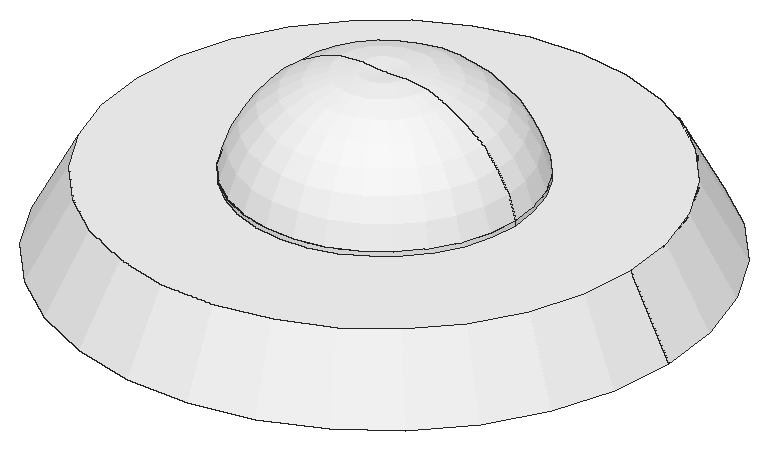
Revit family "KingswayGroup_DrStps_Anti-LigatureDoorStopWallMounted", category Specialty Equipment, Revit 2020
Family settings
  Round Connector Dimension = Use Diameter
  Part Type = Normal
  Work Plane-Based = No
  Always vertical = Yes
  Cut with Voids When Loaded = No
  Shared = No
  Room Calculation Point = No
Parameters
  WarrantyStartDate [instance] = "1900-12-31T23:59:59"
  WarrantyGuarantorParts = "sales@kingswaygroup.co.uk"
  WarrantyGuarantorLabor = "n/a"
  WarrantyDurationUnit = "year"
  WarrantyDurationParts = "5"
  WarrantyDurationLabor = "n/a"
  WarrantyDescription = "5-Year Guarantee *For faulty manufacture and not for damage"
  Version = "1"
  Uniclass2015Version = "Products v1.36"
  Uniclass2015Title = "Door stops"
  Uniclass2015Code = "Pr_30_36_33_24"
  URL = "https://kingswaygroupglobal.com/"
  TagNumber [instance] = "n/a"
  SustainabilityPerformance = "n/a"
  Size = "65 x 65 x 18.5 mm"
  Shape = "n/a"
  SerialNumber [instance] = "n/a"
  Revision = "n/a"
  ReplacementCost = "n/a"
  ProductInformation = "https://kingswaygroupglobal.com/product/anti-ligature-door-stop-wall-mounted?noredirect=true"
  NominalWidth = 18.5 mm  # constant formula
  NominalLength = 65 mm  # constant formula
  NominalHeight = 65 mm  # constant formula
  Name = "DoorStops_Anti-LigatureDoorStopWallMounted_KG182_KingswayGroup"
  ModelReference = "Anti-Ligature Door Stop Wall Mounted"
  ModelNumber = "KG182"
  PlateMaterial = NBS_Concept
  RubberMaterial = NBS_Concept
  Model = ModelNumber  # "KG182"
  Material = "Stainless Steel, Rubber"
  ManufacturerURL = "https://kingswaygroupglobal.com/"
  ManufacturerName = "Kingsway Group"  # constant formula
  Manufacturer = ManufacturerName  # "Kingsway Group"
  InstallationDate [instance] = "1900-12-31T23:59:59"
  IfcExportType = "USERDEFINED"  # constant formula
  IfcExportAs = "IfcDiscreteAccessoryType"  # constant formula
  Grade = "n/a"
  Finish = "For full range of available finishes and colours, contact Kingsway Group"
  Features = "A wall mounted Anti-Ligature Door Stop with a high-impact rubber dome set in a stainless steel surround. The Anti-Ligature Door Stop prevents damage between door handles and walls whilst improving patient safety within mental health facilities and other challenging environments. The rubber section can be customised in a choice of colours to help suit the environment."
  ExpectedLife = "n/a"
  DurationUnit = "year"
  Description = "Wall Mounted Door Stop"
  Default Elevation = 0 mm
  Constituents = "n/a"
  Color = "For full range of available finishes and colours, contact Kingsway Group"
  CodePerformance = "n/a"
  Category = "Pr_30_36_33_24:Door stops"
  BarCode [instance] = "n/a"
  BIMObjectName = "KingswayGroup_DoorStops_Anti-LigatureDoorStopWallMounted"
  Author = "Kingsway Group"  # constant formula
  AssetType = "Fixed"
  AssetIdentifier [instance] = "n/a"
  AccessibilityPerformance = "n/a"
Reference planes
  plane 1 "Center (Front/Back)": y = 0
  plane 2: z = 0
  plane 3 "Center (Left/Right)": x = 0
Forms (mm)
  Blend 1, solid, material "NBS_Concept" <- "PlateMaterial"
    base sketch origin (0, 0, 0) x (1, 0, 0) y (0, 1, 0)
      loop
        circle (0, 0) r 32.5
    top sketch origin (0, 0, 0) x (1, 0, 0) y (0, 1, 0)
      loop
        circle (0, 0) r 28.17
    from 0 to 8
  Extrusion 2, solid, material "NBS_Concept" <- "RubberMaterial"
    sketch origin (0, 0, 0) x (1, 0, 0) y (0, 1, 0)
      loop
        circle (0, 0) r 14.97
    from 8 to 8.5
  Revolve 3, solid, material "NBS_Concept" <- "RubberMaterial"
    sketch origin (0, 0, 0) x (1, 0, 0) y (0, 0, 1)
      loop
        line (0, 8.5) -> (14.97, 8.5)
        arc (14.97, 8.5) -> (9.441, 16.428) -> (0, 18.5) r 13.266
        line (0, 18.5) -> (0, 8.5)
      axis (0, 18.5) -> (0, 8.5)
    angle from 0 to 360
Dimensions and locks
  aligned and locked: level to plane 2
